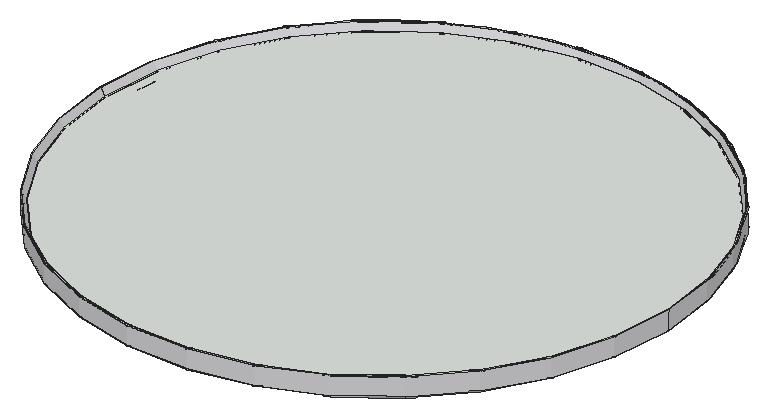
Revit family "Furniture-Mirror-KOHLER-Essential-K-31370_1", category Specialty Equipment, host Face, Revit 2022
Family settings
  Host = Face
  Round Connector Dimension = Use Diameter
  Part Type = Normal
  OmniClass Number = 23.21.37.13.15
  OmniClass Title = Mirrors
  Cut with Voids When Loaded = No
  Maintain Annotation Orientation = No
  Shared = No
  Room Calculation Point = No
Parameters (values of type "CPL-Polished Chrome")
  Width = 1 97/256"  # constant formula
  WaterSense Certified = 1 = 0  # no
  URL = "https://www.us.kohler.com/us/"
  Type = 1
  Product Page URL = "http://www.us.kohler.com/us/catalog/productDetails.jsp?productId=31370"
  Product Name = "Essential"  # constant formula
  Product Documentation Link = "https://www.us.kohler.com/webassets/kpna/catalog/pdf/en/K-31370_spec_US-CA_Kohler_en.pdf"
  Model = if(Type = 1, "K-31370-CPL", if(Type = 2, "K-31370-BNL", if(Type = 3, "K-31370-BGL", if(Type = 4, "K-31370-BLL", "NA"))))  # "K-31370-CPL"
  Material = "Premium Metal Construction"  # constant formula
  Master Format 2014 Name = "Cabinet and Drawer Hardware"  # constant formula
  Master Format 2014 = "06 41 93"  # constant formula
  Manufacturer Address = "444 Highland Dr, Kohler, WI 53044"  # constant formula
  Manufacturer = "Kohler Co."  # constant formula
  Length = 42"  # constant formula
  Height = 42"  # constant formula
  Finish = KOHLER-Metal-CPL-Polished_Chrome
  Environmental Product Declaration = ""
  Description = "Round mirror 42inch"  # constant formula
  Default Elevation = 60"
  Declare Label = ""
  Date Modified = "07/04/2022"  # constant formula
  Date Created = "07/04/2022"  # constant formula
  Copyright = "Copyright Kohler Co."  # constant formula
  Contact Us = "https://www.us.kohler.com/us/static/contact.jsp"
  Assembly Code = "E20"
  ADA Compliant = 1 = 0  # no
Types (5): name | Type | Model | Finish
  (no name) | 1 | "K-31370-CPL" | KOHLER-Metal-CPL-Polished_Chrome
  CPL-Polished Chrome | 1 | "K-31370-CPL" | KOHLER-Metal-CPL-Polished_Chrome
  BNL-Brushed Nickel | 2 | "K-31370-BNL" | KOHLER-Metal-BNL-Brushed_Nickel
  BGL-Moderne Brushed Gold | 3 | "K-31370-BGL" | KOHLER-Metal-BGL-Moderne_Brushed_Gold
  BLL-Matte Black | 4 | "K-31370-BLL" | KOHLER-Metal-BLL-Matte_Black
Reference planes (in)
  plane 1 "Center (Front/Back)": y = 0
  plane 2: z = 0
  plane 3 "Center (Left/Right)": x = 0
  plane 4: z = 1.37891
  plane 5: y = 21
  plane 6: y = -21
  plane 7: x = 21
  plane 8: x = -21
  plane 9: y = 8.46457
  plane 10: y = 12.00787
  plane 11: x = -10.03937
  plane 12: x = 10.03937
Dimensions and locks (in)
  "Width": level to plane 4
  "Length": plane 8 to plane 7
  "Height": plane 5 to plane 6
  plane 1 "Center (Front/Back)" to plane 9 = 8.46457"
  plane 10 to plane 9 = 3.54331"
  plane 11 to plane 12 = 20.07874"
  aligned and locked: plane 2 to host face
  aligned and locked: level to host face
  aligned and locked: plane 3 "Center (Left/Right)" to nested 1
  aligned and locked: plane 1 "Center (Front/Back)" to nested 1
Automatic sketch dimensions
  host sketch curve to host sketch curve = 96"  (x2)
Nested families (in)
  nested 1: "K-31370" at (0, 0, 0), type "K-31370"
Definition of nested family "K-31370"
  Parameters (values of type "K-31370")
    Material = none
    Default Elevation = 0"
  Reference planes (in)
    plane 1 "Center (Front/Back)": y = 0
    plane 2: z = 0
    plane 3 "Center (Left/Right)": x = 0
    plane 4: x = -21
    plane 5: x = 21
    plane 6: y = 21
    plane 7: y = -21
    plane 8: z = 1.37795
  Forms (in)
    Sweep 1, solid, material <- "Material", detail levels medium+fine
      path origin (0, 0, 0) x (1, 0, 0) y (0, 1, 0)
        loop
          circle (0, 0) r 20.91339
      profile origin (0, 20.91339, 0) x (0, -1, 0) y (0, 0, 1)
        loop
          arc (0.00323, 0) -> (0.01756, 0.00594) -> (0.0235, 0.02027) r 0.02027
          line (0.0235, 0.02027) -> (0.0235, 0.90428) -> (0.11011, 0.90428) -> (0.1731, 0.78617) -> (0.27218, 0.78617)
          arc (0.27218, 0.78617) -> (0.28957, 0.79598) -> (0.29016, 0.81594) r 0.02032
          line (0.29016, 0.81594) -> (0.00377, 1.36097)
          arc (0.00377, 1.36097) -> (-0.00791, 1.37338) -> (-0.02433, 1.37795) r 0.03175
          line (-0.02433, 1.37795) -> (-0.06691, 1.37795)
          arc (-0.06691, 1.37795) -> (-0.08085, 1.37218) -> (-0.08662, 1.35824) r 0.01971
          line (-0.08662, 1.35824) -> (-0.08662, 0.0222)
          arc (-0.08662, 0.0222) -> (-0.08012, 0.0065) -> (-0.06442, 0) r 0.0222
          line (-0.06442, 0) -> (0.00323, 0)
    Extrusion 2, solid, detail levels medium+fine
      sketch origin (0, 0, 0) x (1, 0, 0) y (0, 1, 0)
        loop
          circle (0, 0) r 20.78125
      from 0.62082 to 0.90428
    Extrusion 3, solid, material <- "Material", detail levels coarse
      sketch origin (0, 0, 0) x (1, 0, 0) y (0, 1, 0)
        loop
          circle (0, 0) r 21
        loop
          circle (0, 0) r 20.27559
      from 0 to 1.37795
    Extrusion 4, solid, detail levels coarse
      sketch origin (0, 0, 0) x (1, 0, 0) y (0, 1, 0)
        loop
          circle (0, 0) r 20.27559
      from 0.54995 to 0.78617
  Lines and regions (in)
    Masking region 1
      outline origin (0, 0, 0) x (1, 0, 0) y (0, 1, 0)
        loop
          circle (0, 0) r 21
    Masking region 2
      outline origin (0, 0, 0) x (1, 0, 0) y (0, 0, 1)
        loop
          line (20.80315, 1.37795) -> (-20.80315, 1.37795)
          arc (-20.80315, 1.37795) -> (-20.94234, 1.3203) -> (-21, 1.1811) r 0.19685
          line (-21, 1.1811) -> (-21, 0.19685)
          arc (-21, 0.19685) -> (-20.94234, 0.05766) -> (-20.80315, 0) r 0.19685
          line (-20.80315, 0) -> (20.80315, 0)
          arc (20.80315, 0) -> (20.94234, 0.05766) -> (21, 0.19685) r 0.19685
          line (21, 0.19685) -> (21, 1.1811)
          arc (21, 1.1811) -> (20.94234, 1.3203) -> (20.80315, 1.37795) r 0.19685
    Masking region 3
      outline origin (0, 0, 0) x (0, 1, 0) y (0, 0, 1)
        loop
          line (20.80315, 1.37795) -> (-20.80315, 1.37795)
          arc (-20.80315, 1.37795) -> (-20.94234, 1.3203) -> (-21, 1.1811) r 0.19685
          line (-21, 1.1811) -> (-21, 0.19685)
          arc (-21, 0.19685) -> (-20.94234, 0.05766) -> (-20.80315, 0) r 0.19685
          line (-20.80315, 0) -> (20.80315, 0)
          arc (20.80315, 0) -> (20.94234, 0.05766) -> (21, 0.19685) r 0.19685
          line (21, 0.19685) -> (21, 1.1811)
          arc (21, 1.1811) -> (20.94234, 1.3203) -> (20.80315, 1.37795) r 0.19685
    symbolic lines, detail levels medium+fine
      curve 1: circle (0, 0, 0) r 20.71655 normal (0, 0, 1)
      curve 2: circle (0, 0, 0) r 20.27559 normal (0, 0, 1)
  Dimensions and locks (in)
    locked: plane 4 to plane 5 at 42
    locked: plane 7 to plane 6 at 42
    locked: plane 8 to level at 1.37795  (x2)
    aligned and locked: plane 2 to level
